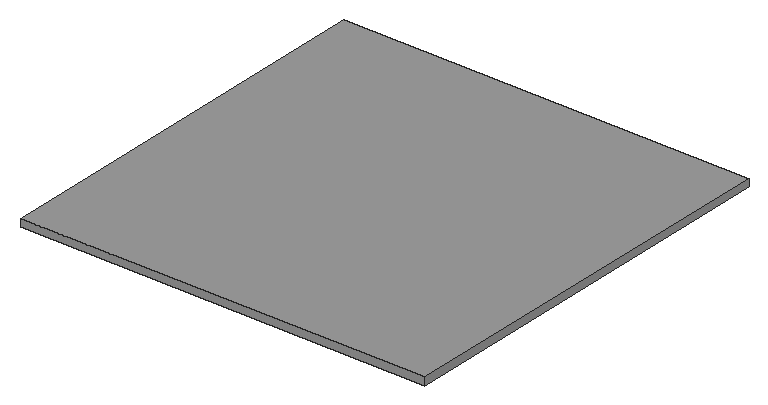
Revit family "BK-BK Inverted Roof 75mm Family", category Generic Models, host Floor, Revit 2017
Family settings
  Host = Floor
  Can host rebar = No
  Round Connector Dimension = Use Diameter
  Part Type = Normal
  Always vertical = Yes
  Cut with Voids When Loaded = No
  Shared = No
  Room Calculation Point = No
Parameters (values of type "Lambdaboard")
  Width = 4000 mm
  URL = "www.rigifoam.com"
  Type Comments = "duncan@rigifoam.com"
  Thermal Resistance = 3.1300 (m²·K)/W
  Thermal Conductivity = 0.0240 W/(m·K)
  Model = "BK/BK Inverted Roof 75mm"
  Material = Polyisocyanurate
  Manufacturer = "Lambdaboard"
  Length = 4000 mm
  Slab Thickness = 300 mm
  Description = "Flexible PIR Insulation"
  Depth = 75 mm
  Density = 40.0000 kg/m³
Reference planes
  plane 1 "Center (Front/Back)": y = 0
  plane 2: z = 0
  plane 3 "Center (Left/Right)": x = 0
Forms (mm)
  Extrusion 1, solid, material "Polyisocyanurate" <- "Material"
    sketch origin (0, 0, 0) x (1, 0, 0) y (0, 1, 0)
      loop
        line (-2000, 2000) -> (-2000, -2000) -> (2000, -2000) -> (2000, 2000) -> (-2000, 2000)
    from -300 to -375
Dimensions and locks
  "Depth": Extrusion 1 to Extrusion 1
  "Length": Extrusion 1 to Extrusion 1
  "Width": Extrusion 1 to Extrusion 1
  "Slab Thickness": plane 2 to Extrusion 1
  aligned and locked: level to plane 2
Automatic sketch dimensions
  Extrusion 1 sketch curve to plane 3 "Center (Left/Right)" = 2000 mm
  plane 3 "Center (Left/Right)" to Extrusion 1 sketch curve = 2000 mm
  plane 1 "Center (Front/Back)" to Extrusion 1 sketch curve = 2000 mm
  Extrusion 1 sketch curve to plane 1 "Center (Front/Back)" = 2000 mm
